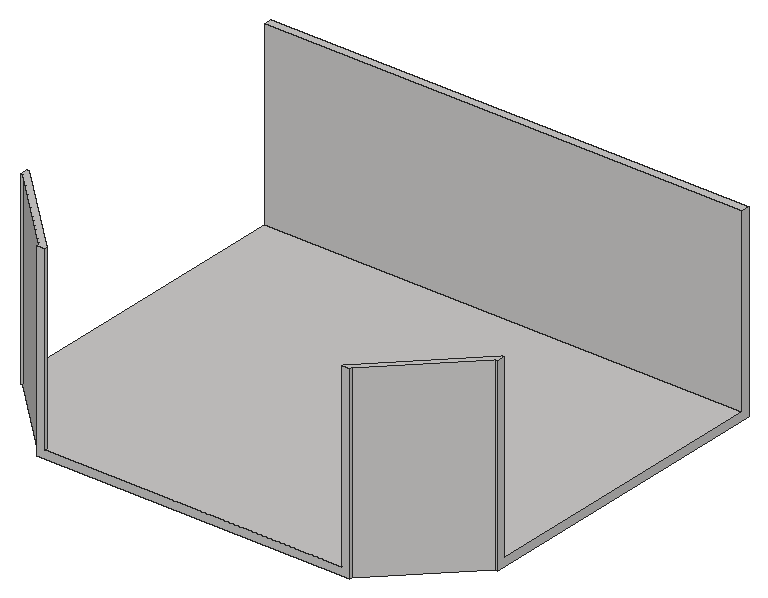
Revit family "Cable_Tray_Fitting-Solid_Tray-OBO_Bettermann-Channel_Horizontal_Tee-MKS_Magic", category Cable Tray Fittings, Revit 2012
Parameters (values of type "Hot Dipped Galvanised")
  URL = "http://www.obo-bettermann.com/"
  Tray Connector 3 Location [instance] = if(Tray Width 3 > 399.9 mm, (Tray Width 3 / 2) + 255 mm, (Tray Width 3 / 2) + 26.2 mm)  # 76.2 mm
  Tray Connector2 Location [instance] = if(Tray Width 1 > 399.9 mm, (Tray Width 1 / 2) + 255 mm, (Tray Width 1 / 2) + 26.2 mm)  # 76.2 mm
  Tray Connector 1 Location [instance] = if(Tray Width 1 > 399.9 mm, (Tray Width 1 / 2) + 255 mm, (Tray Width 1 / 2) + 26.2 mm)  # 76.2 mm
  Tray Width 3 [instance] = 100 mm
  Tray Width 1 [instance] = 100 mm
  Tray Length [instance] = 0.794 mm
  Tray Height [instance] = 60 mm
  built-in parameter 1140111 [instance] = 2.58 mm
  Small Tray Tee [instance] = not(Large Tray Tee)  # yes
  Radius = 25.4 mm
  Product Page URL = "http://catalog2.obo-bettermann.com/catalogue/catalogue.do?favOid=kts_315277&act=showIO&lang=en&action=start&catId=KTS&forward=showSolutionView"
  Product Documentation Link = ""
  Pre Galvanized = no
  Model = "MKS-Magic"
  Manufacturer = "OBO Bettermann"
  Large Tray Tee [instance] = (Tray Width 1 > 399.9 mm)  # no
  Description = "Solid Cable tray"
  Connector Description 3 = "Connector for Cable Tray 3"  # constant formula
  Connector Description 2 = "Connector for Cable Tray 2"  # constant formula
  Connector Description = "Connector for Cable Tray 1"  # constant formula
  Classification = "Refer to nline catalog for UL and cUL classifed sizes and wire sizes."
  Cable Tray Material = Metal - OBO Bettermann - Hot-Dipped-Galvanised
  Assembly Code = "D5030600"
Types (2, lengths in mm): name | Tray Connector 3 Location | Tray Connector2 Location | Tray Connector 1 Location | Tray Width 3 | Tray Width 1 | Cable Tray Material
  Stripped Galvanised | 126.2 | 126.2 | 126.2 | 200 | 200 | Metal - OBO Bettermann - Strip-Galvanised
  Hot Dipped Galvanised | 76.2 | 76.2 | 76.2 | 100 | 100 | Metal - OBO Bettermann - Hot-Dipped-Galvanised
Reference planes
  plane 1 "Center (Front/Back)": y = 0
  plane 2: z = 0
  plane 3 "Center (Left/Right)": x = 0
  plane 4: y = 50
  plane 5: y = -50
  plane 6: z = 30
  plane 7: z = -30
  plane 8: y = -75.4
  plane 9: x = -50
  plane 10: x = 50
  plane 11: x = -75.4
  plane 12: x = 75.4
  plane 13: y = -47.42
  plane 14: y = 47.42
  plane 15: y = -76.194
  plane 16: x = -47.42
  plane 17: x = 47.42
  plane 18: x = -76.194
  plane 19: x = 76.194
  plane 20: z = -27.42
  plane 21 "Tray Connector Left": x = -76.2
  plane 22 "Tray Connector Right": x = 76.2
  plane 23 "Tray Connector Branch": y = -76.2
Lines and regions (mm)
  model lines, style "Coarse View", detail levels coarse
    curve 1: line (-76.194, 0, 0) -> (76.194, 0, 0)
    curve 2: line (0, 0, 0) -> (0, -76.194, 0)
Dimensions and locks
  equal spacing: plane 4, plane 1 "Center (Front/Back)", plane 5
  "Tray Width 1": plane 4 to plane 5
  equal spacing: plane 6, plane 2, plane 7
  "Tray Height": plane 6 to plane 7
  plane 5 to plane 8 = 25.4 mm
  equal spacing: plane 9, plane 3 "Center (Left/Right)", plane 10
  "Tray Width 3": plane 9 to plane 10
  plane 11 to plane 9 = 25.4 mm
  plane 10 to plane 12 = 25.4 mm
  "built-in parameter 1140111": plane 13 to plane 5
  "built-in parameter 1140111": plane 4 to plane 14
  "Tray Length": plane 8 to plane 15
  "built-in parameter 1140111": plane 9 to plane 16
  "built-in parameter 1140111": plane 17 to plane 10
  "Tray Length": plane 18 to plane 11
  "Tray Length": plane 12 to plane 19
  "built-in parameter 1140111": plane 20 to plane 7
  "Tray Connector2 Location": plane 3 "Center (Left/Right)" to plane 22 "Tray Connector Right"
  "Tray Connector 3 Location": plane 23 "Tray Connector Branch" to plane 1 "Center (Front/Back)"
  "Tray Connector 1 Location": plane 21 "Tray Connector Left" to plane 3 "Center (Left/Right)"
  aligned and locked: plane 19 to curve 1
  aligned and locked: plane 18 to curve 1
  aligned and locked: plane 1 "Center (Front/Back)" to curve 1
  aligned and locked: plane 15 to curve 2
  aligned and locked: plane 1 "Center (Front/Back)" to curve 2
  aligned and locked: curve 2 to plane 3 "Center (Left/Right)"
  aligned and locked: plane 4 to nested 1
  aligned and locked: nested 1 to plane 5
  aligned and locked: nested 1 to plane 9
  aligned and locked: plane 10 to nested 1
  aligned and locked: plane 4 to nested 2
  aligned and locked: nested 2 to plane 18
  aligned and locked: plane 19 to nested 2
Nested families
  nested 1: "Cable_Tray_Fitting-Solid_Tray-OBO_Bettermann-Channel_Horizontal_Tee_400-600-MKS" at (0, 0, 0), Tray Width 3 <- "Tray Width 1", Tray Width 1 <- "Tray Width 1", Tray Height <- "Tray Height", visible <- "Large Tray Tee", built-in parameter 1140111 <- "built-in parameter 1140111", type "Stripped Galvanised"
    with Tray Width Overall 610 mm, Tray Width 3 100 mm, Tray Width 1 100 mm, Tray Height 60 mm, built-in parameter 1140111 2.58 mm
  nested 2: "Cable_Tray_Fitting-Solid_Tray-OBO_Bettermann-Channel_Horizontal_Tee_100-300-MKS" at (0, 0, 0), Tray Width 3 <- "Tray Width 3", Tray Width 1 <- "Tray Width 1", Tray Height <- "Tray Height", built-in parameter 1140111 <- "built-in parameter 1140111", visible <- "Small Tray Tee", type "Stripped Galvanised"
    with Tray Width 3 100 mm, Tray Width 1 100 mm, Tray Length 0.794 mm, Tray Height 60 mm, built-in parameter 1140111 2.58 mm, Radius Label 1 27.98 mm, Radius Label 25.4 mm
Connectors
  cabletrayconduit at (76.2, 0, 0), driven by "Tray Width 1", driven by "Tray Height", driven by "Connector Description 2"
    settings: index 1, connector width 100 mm, connector height 60 mm, connector radius 300 mm, connector angle 0.00°, system type 32, placement type 0, profile type 1, connector reference index -1, is primary connector yes, connector utility param no, connector description "Connector for Cable Tray 2"
  cabletrayconduit at (-76.2, 0, 0), driven by "Tray Height", driven by "Tray Width 1", driven by "Connector Description"
    settings: index 2, connector width 100 mm, connector height 60 mm, connector radius 300 mm, connector angle 0.00°, system type 32, placement type 0, profile type 1, connector reference index -1, is primary connector no, connector utility param no, connector description "Connector for Cable Tray 1"
  cabletrayconduit at (0, -76.2, 0), driven by "Tray Width 3", driven by "Tray Height", driven by "Connector Description 3"
    settings: index 3, connector width 100 mm, connector height 60 mm, connector radius 300 mm, connector angle 0.00°, system type 32, placement type 0, profile type 1, connector reference index -1, is primary connector no, connector utility param no, connector description "Connector for Cable Tray 3"
Definition of nested family "Cable_Tray_Fitting-Solid_Tray-OBO_Bettermann-Channel_Horizontal_Tee_400-600-MKS"
  Parameters (values of type "Stripped Galvanised")
    URL = "http://www.obo-bettermann.com/"
    Tray Width Overall [instance] = Tray Width 3 + 510 mm  # 910 mm
    Tray Width 3 [instance] = 400 mm
    Tray Width 1 [instance] = 400 mm
    Tray Height [instance] = 60 mm
    built-in parameter 1140111 [instance] = 2.58 mm
    Radius Label 1 = Radius Label + 2.6 mm  # 152.6 mm
    Radius Label = 150 mm
    Product Page URL = "http://catalog2.obo-bettermann.com/catalogue/catalogue.do?favOid=kts_315277&act=showIO&lang=en&action=start&catId=KTS&forward=showSolutionView"
    Product Documentation Link = ""
    Pre Galvanized = no
    Model = "MKS"
    Manufacturer = "OBO Bettermann"
    Description = "Cable tray"
    Connector Description 3 = "Connector for Cable Tray 3"  # constant formula
    Connector Description 2 = "Connector for Cable Tray 2"  # constant formula
    Connector Description = "Connector for Cable Tray 1"  # constant formula
    Classification = "Refer to nline catalog for UL and cUL classifed sizes and wire sizes."
    Cable Tray Material = Metal - OBO Bettermann - Strip-Galvanised
    Assembly Code = "D5030600"
  Types (2, lengths in mm): name | Tray Width Overall | Tray Width 3 | Tray Width 1 | Cable Tray Material
    Stripped Galvanised | 910 | 400 | 400 | Metal - OBO Bettermann - Strip-Galvanised
    Steel | 610 | 100 | 100 | Metal - OBO Bettermann - Hot-Dipped-Galvanised
  Reference planes
    plane 1 "Center (Front/Back)": y = 0
    plane 2: z = 0
    plane 3 "Center (Left/Right)": x = 0
    plane 4: y = 200
    plane 5: y = -200
    plane 6: z = 30
    plane 7: z = -30
    plane 8: x = -200
    plane 9: x = 200
    plane 10: y = -197.42
    plane 11: y = 197.42
    plane 12: y = -455
    plane 13: x = -197.42
    plane 14: x = 197.42
    plane 15: z = -27.42
    plane 16: x = -455
    plane 17: x = 455
  Forms (mm)
    Extrusion 1, solid, material "Metal - OBO Bettermann - Strip-Galvanised" <- "Cable Tray Material", detail levels fine
      sketch origin (0, 0, 0) x (1, 0, 0) y (0, 1, 0)
        loop
          line (-455, -197.42) -> (-455, -200) -> (-350, -200)
          arc (-350, -200) -> (-243.934, -243.934) -> (-200, -350) r 150
          line (-200, -350) -> (-200, -455) -> (-197.42, -455) -> (-197.42, -347.51)
          arc (-197.42, -347.51) -> (-242.096, -242.096) -> (-347.51, -197.42) r 152.6
          line (-347.51, -197.42) -> (-455, -197.42)
        loop
          line (350, -200) -> (455, -200) -> (455, -197.42) -> (347.51, -197.42)
          arc (347.51, -197.42) -> (242.096, -242.096) -> (197.42, -347.51) r 152.6
          line (197.42, -347.51) -> (197.42, -455) -> (200, -455) -> (200, -350)
          arc (200, -350) -> (243.934, -243.934) -> (350, -200) r 150
        loop
          line (-455, 200) -> (-455, 197.42) -> (455, 197.42) -> (455, 200) -> (-455, 200)
      from -30 to 30
    Extrusion 2, solid, material "Metal - OBO Bettermann - Strip-Galvanised" <- "Cable Tray Material", detail levels fine
      sketch origin (0, 0, 0) x (1, 0, 0) y (0, 1, 0)
        loop
          line (-455, -200) -> (-350, -200)
          arc (-350, -200) -> (-243.934, -243.934) -> (-200, -350) r 150
          line (-200, -350) -> (-200, -455) -> (200, -455) -> (200, -350)
          arc (200, -350) -> (243.934, -243.934) -> (350, -200) r 150
          line (350, -200) -> (455, -200) -> (455, 200) -> (-455, 200) -> (-455, -200)
      from -30 to -27.42
    Extrusion 3, solid, material "Metal - OBO Bettermann - Strip-Galvanised" <- "Cable Tray Material", detail levels medium
      sketch origin (0, 0, 0) x (1, 0, 0) y (0, 1, 0)
        loop
          line (-455, 200) -> (-455, -200) -> (-350, -200)
          arc (-350, -200) -> (-243.934, -243.934) -> (-200, -350) r 150
          line (-200, -350) -> (-200, -455) -> (200, -455) -> (200, -350)
          arc (200, -350) -> (243.934, -243.934) -> (350, -200) r 150
          line (350, -200) -> (455, -200) -> (455, 200) -> (-455, 200)
      from -30 to 30
  Cuts and joins
    joined: Extrusion 1, Extrusion 2
  Lines and regions (mm)
    model lines, style "Coarse View", detail levels coarse
      curve 1: line (-380, 0, 0) -> (350, 0, 0)
      curve 2: line (0, 0, 0) -> (0, -455, 0)
  Dimensions and locks
    equal spacing: plane 4, plane 1 "Center (Front/Back)", plane 5
    "Tray Width 1": plane 4 to plane 5
    equal spacing: plane 6, plane 2, plane 7
    "Tray Height": plane 6 to plane 7
    equal spacing: plane 8, plane 3 "Center (Left/Right)", plane 9  (x2)
    "Tray Width 3": plane 8 to plane 9
    "built-in parameter 1140111": plane 10 to plane 5
    "built-in parameter 1140111": plane 4 to plane 11
    locked: plane 5 to plane 12 at 255
    "built-in parameter 1140111": plane 8 to plane 13
    "built-in parameter 1140111": plane 14 to plane 9
    "built-in parameter 1140111": plane 15 to plane 7
    locked: plane 16 to plane 8 at 255
    locked: plane 9 to plane 17 at 255
    equal spacing: plane 16, plane 3 "Center (Left/Right)", plane 17
    "Radius Label": radius of Extrusion 3 sketch curve  (x2)
    "Radius Label": radius of Extrusion 1 sketch curve  (x2)
    "Radius Label 1": radius of Extrusion 1 sketch curve  (x2)
    "Radius Label": radius of Extrusion 2 sketch curve  (x2)
    aligned and locked: Extrusion 1 sketch curve to plane 10
    aligned and locked: Extrusion 1 sketch curve to plane 5
    aligned and locked: Extrusion 1 sketch curve to plane 8
    aligned and locked: plane 12 to Extrusion 1 sketch curve  (x2)
    aligned and locked: Extrusion 1 sketch curve to plane 13
    aligned and locked: plane 13 to Extrusion 1 sketch curve
    aligned and locked: plane 8 to Extrusion 1 sketch curve
    aligned and locked: Extrusion 1 sketch curve to plane 12  (x2)
    aligned and locked: Extrusion 1 to plane 7
    aligned and locked: plane 6 to Extrusion 1
    aligned and locked: plane 5 to Extrusion 1 sketch curve
    aligned and locked: plane 10 to Extrusion 1 sketch curve
    aligned and locked: Extrusion 1 sketch curve to plane 14
    aligned and locked: Extrusion 1 sketch curve to plane 9
    aligned and locked: plane 9 to Extrusion 1 sketch curve
    aligned and locked: plane 14 to Extrusion 1 sketch curve
    aligned and locked: plane 11 to Extrusion 1 sketch curve
    aligned and locked: Extrusion 1 sketch curve to plane 4
    aligned and locked: Extrusion 2 sketch curve to plane 5
    aligned and locked: Extrusion 2 sketch curve to plane 4
    aligned and locked: plane 4 to Extrusion 2 sketch curve
    aligned and locked: plane 5 to Extrusion 2 sketch curve
    aligned and locked: plane 12 to Extrusion 2 sketch curve
    aligned and locked: plane 9 to Extrusion 2 sketch curve
    aligned and locked: plane 8 to Extrusion 2 sketch curve
    aligned and locked: Extrusion 2 sketch curve to plane 12
    aligned and locked: Extrusion 2 to plane 7
    aligned and locked: plane 15 to Extrusion 2
    aligned and locked: Extrusion 3 sketch curve to plane 5  (x2)
    aligned and locked: plane 4 to Extrusion 3 sketch curve  (x2)
    aligned and locked: plane 5 to Extrusion 3 sketch curve
    aligned and locked: plane 12 to Extrusion 3 sketch curve
    aligned and locked: Extrusion 3 sketch curve to plane 9
    aligned and locked: plane 9 to Extrusion 3 sketch curve
    aligned and locked: plane 8 to Extrusion 3 sketch curve
    aligned and locked: Extrusion 3 sketch curve to plane 12
    aligned and locked: Extrusion 3 to plane 7
    aligned and locked: plane 6 to Extrusion 3
    aligned and locked: plane 1 "Center (Front/Back)" to curve 1
    aligned and locked: plane 12 to curve 2
    aligned and locked: plane 1 "Center (Front/Back)" to curve 2
    aligned and locked: curve 2 to plane 3 "Center (Left/Right)"
    aligned and locked: plane 16 to Extrusion 3
    aligned and locked: plane 16 to cut or joined group of Extrusion 1, Extrusion 2
    aligned and locked: plane 17 to Extrusion 3
    aligned and locked: cut or joined group of Extrusion 1, Extrusion 2 to Extrusion 3
  Automatic sketch dimensions
    Extrusion 1 sketch curve to Extrusion 1 sketch curve = 0 mm  (x4)
    Extrusion 1 sketch curve to Extrusion 1 sketch curve = 105 mm  (x2)
    Extrusion 1 sketch curve to plane 8 = 255 mm
    Extrusion 2 sketch curve to Extrusion 2 sketch curve = 105 mm  (x2)
    Extrusion 3 sketch curve to plane 8 = 255 mm
    plane 9 to Extrusion 1 sketch curve = 255 mm
    plane 9 to Extrusion 3 sketch curve = 255 mm
    curve 1 to plane 16 = 75 mm
    plane 17 to curve 1 = 105 mm
  Connectors
    cabletrayconduit at (-455, 0, 0), driven by "Tray Height", driven by "Tray Width 1", driven by "Connector Description"
      settings: on Extrusion 3, index 1, connector width 400 mm, connector height 60 mm, connector radius 304.8 mm, connector angle 0.00°, system type 32, placement type 0, profile type 1, connector reference index 2, is primary connector yes, connector utility param no, connector description "Connector for Cable Tray 1"
    cabletrayconduit at (455, 0, 0), driven by "Tray Height", driven by "Tray Width 1", driven by "Connector Description 2"
      settings: on Extrusion 3, index 2, connector width 400 mm, connector height 60 mm, connector radius 304.8 mm, connector angle 0.00°, system type 32, placement type 0, profile type 1, connector reference index 1, is primary connector no, connector utility param no, connector description "Connector for Cable Tray 2"
    cabletrayconduit at (0, -455, 0), driven by "Tray Height", driven by "Tray Width 3", driven by "Connector Description 3"
      settings: on Extrusion 3, index 3, connector width 400 mm, connector height 60 mm, connector radius 304.8 mm, connector angle 0.00°, system type 32, placement type 0, profile type 1, connector reference index -1, is primary connector no, connector utility param no, connector description "Connector for Cable Tray 3"
Definition of nested family "Cable_Tray_Fitting-Solid_Tray-OBO_Bettermann-Channel_Horizontal_Tee_100-300-MKS"
  Parameters (values of type "Stripped Galvanised")
    URL = "http://www.obo-bettermann.com/"
    Tray Width 3 [instance] = 100 mm
    Tray Width 1 [instance] = 100 mm
    Tray Length [instance] = 0.794 mm
    Tray Height [instance] = 60 mm
    built-in parameter 1140111 [instance] = 2.58 mm
    Radius Label 1 [instance] = Radius Label + [built-in parameter 1140111]  # 27.98 mm
    Radius Label [instance] = Radius  # 25.4 mm
    Radius = 25.4 mm
    Product Page URL = "http://catalog2.obo-bettermann.com/catalogue/catalogue.do?favOid=kts_315277&act=showIO&lang=en&action=start&catId=KTS&forward=showSolutionView"
    Product Documentation Link = ""
    Pre Galvanized = no
    Model = "MKS"
    Manufacturer = "OBO Bettermann"
    Description = "Cable tray"
    Connector Description 3 = "Connector for Cable Tray 3"  # constant formula
    Connector Description 2 = "Connector for Cable Tray 2"  # constant formula
    Connector Description = "Connector for Cable Tray 1"  # constant formula
    Classification = "Refer to nline catalog for UL and cUL classifed sizes and wire sizes."
    Cable Tray Material = Metal - OBO Bettermann - Strip-Galvanised
    Assembly Code = "D5030600"
  Types (2, lengths in mm): name | Cable Tray Material
    Stripped Galvanised | Metal - OBO Bettermann - Strip-Galvanised
    Steel | Metal - OBO Bettermann - Hot-Dipped-Galvanised
  Reference planes
    plane 1 "Center (Front/Back)": y = 0
    plane 2: z = 0
    plane 3 "Center (Left/Right)": x = 0
    plane 4: y = 50
    plane 5: y = -50
    plane 6: z = 30
    plane 7: z = -30
    plane 8: y = -75.4
    plane 9: x = -50
    plane 10: x = 50
    plane 11: x = -75.4
    plane 12: x = 75.4
    plane 13: y = -47.42
    plane 14: y = 47.42
    plane 15: y = -76.194
    plane 16: x = -47.42
    plane 17: x = 47.42
    plane 18: x = -76.194
    plane 19: x = 76.194
    plane 20: z = -27.42
  Forms (mm)
    Extrusion 1, solid, material "Metal - OBO Bettermann - Strip-Galvanised" <- "Cable Tray Material", detail levels fine
      sketch origin (0, 0, 0) x (1, 0, 0) y (0, 1, 0)
        loop
          line (-76.194, -47.42) -> (-76.194, -50) -> (-75.4, -50) -> (-50, -75.4) -> (-50, -76.194) -> (-47.42, -76.194) -> (-47.42, -75.4) -> (-75.4, -47.42) -> (-76.194, -47.42)
        loop
          line (75.4, -50) -> (76.194, -50) -> (76.194, -47.42) -> (75.4, -47.42) -> (47.42, -75.4) -> (47.42, -76.194) -> (50, -76.194) -> (50, -75.4) -> (75.4, -50)
        loop
          line (-76.194, 50) -> (-76.194, 47.42) -> (76.194, 47.42) -> (76.194, 50) -> (-76.194, 50)
      from -30 to 30
    Extrusion 2, solid, material "Metal - OBO Bettermann - Strip-Galvanised" <- "Cable Tray Material", detail levels fine
      sketch origin (0, 0, 0) x (1, 0, 0) y (0, 1, 0)
        loop
          line (-76.194, -50) -> (-75.4, -50) -> (-50, -75.4) -> (-50, -76.194) -> (50, -76.194) -> (50, -75.4) -> (75.4, -50) -> (76.194, -50) -> (76.194, 50) -> (-76.194, 50) -> (-76.194, -50)
      from -30 to -27.42
    Extrusion 3, solid, material "Metal - OBO Bettermann - Strip-Galvanised" <- "Cable Tray Material", detail levels medium
      sketch origin (0, 0, 0) x (1, 0, 0) y (0, 1, 0)
        loop
          line (-76.194, 50) -> (-76.194, -50) -> (-75.4, -50) -> (-50, -75.4) -> (-50, -76.194) -> (50, -76.194) -> (50, -75.4) -> (75.4, -50) -> (76.194, -50) -> (76.194, 50) -> (-76.194, 50)
      from -30 to 30
  Cuts and joins
    joined: Extrusion 1, Extrusion 2
  Lines and regions (mm)
    model lines, style "Coarse View", detail levels coarse
      curve 1: line (-76.194, 0, 0) -> (76.194, 0, 0)
      curve 2: line (0, 0, 0) -> (0, -76.194, 0)
  Dimensions and locks
    equal spacing: plane 4, plane 1 "Center (Front/Back)", plane 5
    "Tray Width 1": plane 4 to plane 5
    equal spacing: plane 6, plane 2, plane 7
    "Tray Height": plane 6 to plane 7
    "Radius Label": plane 5 to plane 8
    equal spacing: plane 9, plane 3 "Center (Left/Right)", plane 10
    "Tray Width 3": plane 9 to plane 10
    "Radius Label": plane 11 to plane 9
    "Radius Label": plane 10 to plane 12
    "built-in parameter 1140111": plane 13 to plane 5
    "built-in parameter 1140111": plane 4 to plane 14
    "Tray Length": plane 8 to plane 15
    "built-in parameter 1140111": plane 9 to plane 16
    "built-in parameter 1140111": plane 17 to plane 10
    "Tray Length": plane 18 to plane 11
    "Tray Length": plane 12 to plane 19
    "built-in parameter 1140111": plane 20 to plane 7
    aligned and locked: plane 11 to Extrusion 1 sketch curve  (x2)
    aligned and locked: Extrusion 1 sketch curve to plane 13
    aligned and locked: plane 18 to Extrusion 1 sketch curve  (x2)
    aligned and locked: Extrusion 1 sketch curve to plane 5
    aligned and locked: plane 8 to Extrusion 1 sketch curve  (x4)
    aligned and locked: Extrusion 1 sketch curve to plane 9
    aligned and locked: plane 15 to Extrusion 1 sketch curve  (x2)
    aligned and locked: Extrusion 1 sketch curve to plane 16
    aligned and locked: plane 16 to Extrusion 1 sketch curve
    aligned and locked: plane 9 to Extrusion 1 sketch curve
    aligned and locked: Extrusion 1 sketch curve to plane 15  (x2)
    aligned and locked: Extrusion 1 sketch curve to plane 18
    aligned and locked: Extrusion 1 to plane 7
    aligned and locked: plane 6 to Extrusion 1
    aligned and locked: plane 12 to Extrusion 1 sketch curve  (x2)
    aligned and locked: plane 19 to Extrusion 1 sketch curve
    aligned and locked: plane 5 to Extrusion 1 sketch curve
    aligned and locked: plane 13 to Extrusion 1 sketch curve
    aligned and locked: Extrusion 1 sketch curve to plane 19  (x2)
    aligned and locked: Extrusion 1 sketch curve to plane 17
    aligned and locked: Extrusion 1 sketch curve to plane 10
    aligned and locked: plane 10 to Extrusion 1 sketch curve
    aligned and locked: plane 17 to Extrusion 1 sketch curve
    aligned and locked: plane 14 to Extrusion 1 sketch curve
    aligned and locked: Extrusion 1 sketch curve to plane 4
    aligned and locked: plane 18 to Extrusion 2 sketch curve
    aligned and locked: plane 11 to Extrusion 2 sketch curve
    aligned and locked: Extrusion 2 sketch curve to plane 5
    aligned and locked: Extrusion 2 sketch curve to plane 18
    aligned and locked: plane 19 to Extrusion 2 sketch curve  (x2)
    aligned and locked: Extrusion 2 sketch curve to plane 4
    aligned and locked: plane 4 to Extrusion 2 sketch curve
    aligned and locked: plane 5 to Extrusion 2 sketch curve
    aligned and locked: plane 12 to Extrusion 2 sketch curve
    aligned and locked: plane 15 to Extrusion 2 sketch curve
    aligned and locked: plane 8 to Extrusion 2 sketch curve
    aligned and locked: plane 10 to Extrusion 2 sketch curve
    aligned and locked: plane 9 to Extrusion 2 sketch curve
    aligned and locked: Extrusion 2 sketch curve to plane 15
    aligned and locked: Extrusion 2 to plane 7
    aligned and locked: plane 20 to Extrusion 2
    aligned and locked: plane 18 to Extrusion 3 sketch curve
    aligned and locked: plane 11 to Extrusion 3 sketch curve
    aligned and locked: Extrusion 3 sketch curve to plane 5  (x2)
    aligned and locked: plane 4 to Extrusion 3 sketch curve  (x2)
    aligned and locked: Extrusion 3 sketch curve to plane 18
    aligned and locked: plane 5 to Extrusion 3 sketch curve
    aligned and locked: Extrusion 3 sketch curve to plane 19
    aligned and locked: plane 12 to Extrusion 3 sketch curve
    aligned and locked: plane 19 to Extrusion 3 sketch curve
    aligned and locked: plane 15 to Extrusion 3 sketch curve
    aligned and locked: Extrusion 3 sketch curve to plane 10
    aligned and locked: plane 8 to Extrusion 3 sketch curve
    aligned and locked: plane 10 to Extrusion 3 sketch curve
    aligned and locked: plane 9 to Extrusion 3 sketch curve
    aligned and locked: Extrusion 3 sketch curve to plane 15
    aligned and locked: Extrusion 3 to plane 7
    aligned and locked: plane 6 to Extrusion 3
    aligned and locked: plane 19 to curve 1
    aligned and locked: plane 18 to curve 1
    aligned and locked: plane 1 "Center (Front/Back)" to curve 1
    aligned and locked: plane 15 to curve 2
    aligned and locked: plane 1 "Center (Front/Back)" to curve 2
    aligned and locked: curve 2 to plane 3 "Center (Left/Right)"
  Automatic sketch dimensions
    Extrusion 2 sketch curve to plane 8 = 0 mm
    Extrusion 3 sketch curve to plane 8 = 0 mm
  Connectors
    cabletrayconduit at (-76.194, 0, 0), driven by "Tray Height", driven by "Tray Width 1", driven by "Connector Description"
      settings: on Extrusion 3, index 1, connector width 100 mm, connector height 60 mm, connector radius 304.8 mm, connector angle 0.00°, system type 32, placement type 0, profile type 1, connector reference index 2, is primary connector yes, connector utility param no, connector description "Connector for Cable Tray 1"
    cabletrayconduit at (76.194, 0, 0), driven by "Tray Height", driven by "Tray Width 1", driven by "Connector Description 2"
      settings: on Extrusion 3, index 2, connector width 100 mm, connector height 60 mm, connector radius 304.8 mm, connector angle 0.00°, system type 32, placement type 0, profile type 1, connector reference index 1, is primary connector no, connector utility param no, connector description "Connector for Cable Tray 2"
    cabletrayconduit at (0, -76.194, 0), driven by "Tray Height", driven by "Tray Width 3", driven by "Connector Description 3"
      settings: on Extrusion 3, index 3, connector width 100 mm, connector height 60 mm, connector radius 304.8 mm, connector angle 0.00°, system type 32, placement type 0, profile type 1, connector reference index -1, is primary connector no, connector utility param no, connector description "Connector for Cable Tray 3"
